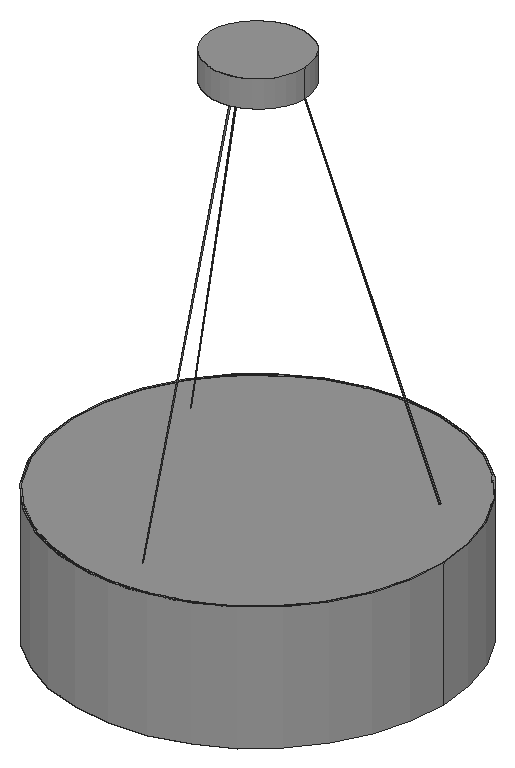
Revit family "Artemide_Tagora_Suspended_570", category Apparecchi per illuminazione, Revit 2018
Family settings
  Quota connettore circolare = Usa diametro
  Tipo di parte = Normale
  Basato su piano di lavoro = Sì
  Sempre verticale = Sì
  Taglio con vuoti quando caricato = No
  Sorgente d'illuminazione = Sì
  Condiviso = No
  Punto di calcolo locali = No
Parameters
  Wattage = 58 W
  built-in parameter 1150110 = 1 (stored number, unit not read)
  Voltage = "-"
  built-in parameter 1114217 = 1 (stored number, unit not read)
  Tilt Angle = 90.00°
  built-in parameter 1150109 = 1 (stored number, unit not read)
  built-in parameter 1150134 = (empty or 0)
  built-in parameter 1150113 = 1 (stored number, unit not read)
  Radius_InternalCylinder = Radius_ExternalCyilinder - 2 mm  # 283 mm
  Radius_ExternalCyilinder = 285 mm
  Product Range = "Tagora"
  File diagramma fotometrico = "M249221.IES"
  Max Height from ceiling = 2000 mm
  M_HousingCylinder = Artemide_Aluminum_Beige
  M_Housing = Artemide_Aluminum_White
  M_Fixings = Artemide_Aluminum_Anodized
  M_Diffuser = Artemide_Glass_LightBulb
  built-in parameter 1150105 = 285.93 (stored number, unit not read)
  Lumens = 3593.1 lm
  built-in parameter 1150115 = 1 (stored number, unit not read)
  built-in parameter 1150137 = (empty or 0)
  built-in parameter 1150139 = (empty or 0)
  built-in parameter 1150112 = 1 (stored number, unit not read)
  built-in parameter 1150114 = 1 (stored number, unit not read)
  built-in parameter 1150132 = (empty or 0)
  built-in parameter 1150102 = (empty or 0)
  built-in parameter 1150107 = 3000 (stored number, unit not read)
  built-in parameter 1150138 = (empty or 0)
  built-in parameter 1150106 = 2.8593 (stored number, unit not read)
  IfcExportType = "NOT DEFINED"  # constant formula
  IfcExportAs = "IfcLightFixtureType"  # constant formula
  Weekly = "-"
  Warranty ID = "https://cloud.artemide.com/5-years-warranty"
  Upward Component  = 0
  Unified Glare Rating  = "-"
  Uniclass 2015 = "Pr_70_70_48"  # constant formula
  URL to O&M Manual = "https://www.artemide.com/contents/documenti/prodotto/tagora_sospensione_570_instructions2525503.pdf"
  URL to Energy Technology List = "-"
  Total Power = 0
  Total Light Output  = 0
  Testing method = "-"
  Supply Phase = 0
  Suitable for Photocell Control = "-"
  Suitable for Motion Detector Control = "N"
  Suitable for Dimming  = "Y"
  Suitable Dimmer Type = "DALI"
  Standards = "-"
  Shipping Weight = 0
  Service life  = "-"
  Secondary Rated Lamp Life = 0
  Secondary Lamp Voltage = 0
  Secondary Lamp International Type Code = "-"
  Secondary Lamp Initial Lumens  = 0
  Secondary Lamp Included = "-"
  Secondary Lamp Efficacy = 0
  Secondary Lamp Colour Temperature = 0
  Secondary Lamp Colour Rendering Index = 0
  Secondary Lamp Cap = "-"
  Secondary Lamp = "-"
  Responsible Sourcing of Materials = "-"
  Responsible Extraction of Materials = "-"
  Rated Lamp Life = 50000
  Quarterly = "-"
  Product Model Number = "M249221"
  Product Literature = "https://www.artemide.com/en/subfamily/1688085/tagora-suspension-570"
  Primary Lamp Type = "LED"
  Power Supply Kit = "-"
  Power Factor = 0
  Photocell = "-"
  Overall Width = 0
  Overall Light Output Ratio = 0
  Overall Length = 570
  Overall Height = 190
  Output Lumens Indirect light = 0
  Output Lumens Direct light = 3593
  Number of Secondary Lamps = 0
  Number of Primary Lamps = 1
  Number of Poles = 0
  Motion Sensor = "-"
  Motion Detector = "-"
  Monthly = "-"
  Minimum Operating Temperature = 0
  Maximum Operating Temperature = 0
  Material Ingredient Reporting = "-"
  Manufacturer Website = "https://www.artemide.com"
  Produttore = "Artemide"
  Maintenance Required: 8001-12000hrs  = "-"
  Maintenance Required: 601-1000hrs = "-"
  Maintenance Required: 4001-8000hrs  = "-"
  Maintenance Required: 301-600hrs  = "-"
  Maintenance Required: 2001-4000hrs  = "-"
  Maintenance Required: 1001-2000hrs  = "-"
  Maintenance Required: 0-300hrs  = "-"
  Luminance at 65deg Angle = 0
  Luminaire Type = "Pendant"
  Luminaire Maintenance Factor = 0
  Luminaire Cleaning Interval  = "-"
  Louvre/Lens = "-"
  Location of Manufacturer = "-"
  Light Output Pattern = "-"
  Light Fixture Mounting Type = "Suspended"
  Life Cycle Analysis = "-"
  Lamp Survival Factor = "-"
  Lamp Replacement Interval = "-"
  Lamp Included = "Y"
  Lamp Cap = "LED Integrated"
  LED lifetime = 50000
  LED Maintained Colour Variation         = 0
  LED Initial Colour Variation                      = 0
  International Type Code = "-"
  Intended Market = "Unset"
  Integral Fuse or Circuit Protection  = "-"
  Integral Emergency Lighting Battery Type = "-"
  Input Lumens Indirect light = 0
  Input Lumens Direct light = 8352
  Initial Lumens = 3593
  Infills = "-"
  IP Rating = "IP20"
  IK Rating = "-"
  IES Files  = "https://www.artemide.com/product/downloadFile/1720551/ieseu/4887593"
  Housing Material = "Aluminium"
  Housing Finish  = "Painted"
  Housing Colour  = "Beige/White"
  Hazardous Area Protection Type = "-"
  Hazardous Area Category = "-"
  Gross Weight = 6.55
  Green Guide for Specification = "-"
  Frequency  = 0
  Fixings = "-"
  Fire Shroud = "-"
  Fire Rating Duration = 0
  Fire Rated Temperature = 0
  Fire Rated = "-"
  Features = "Any additional components/accessories included in this file are required to complete the product/configuration and must be ordered separately.Please check the catalogue/dedicated brochure for more information"
  Face Width = 0
  Face Shape = "Cylindrical"
  Face Length = 0
  External Control Line Voltage = 0
  Expected Life = "-"
  Environmental Product Declaration = "-"
  End Caps/Transition Caps/Joints = "-"
  Emetti da diametro cerchio = 475 mm
  Rendi la forma visibile nel rendering = no
  Emergency light output percentage = 0
  Emergency Lighting Battery = "-"
  Emergency Charging Power       = 0
  Emergency = "N"
  Embodied Carbon  = 0
  Efficiency = 43
  built-in parameter 1150104 = 5.7553 (stored number, unit not read)
  Earth Point  = "-"
  ENEC Certification of European conformity = "N"
  Duration of Integral Emergency Lighting  = 0
  Drive Current                                          = 0
  Downward Component = 0
  Distance_LampFromCeilingMax [instance] = if(Distance_LampFromCeiling < Max Height from ceiling, Distance_LampFromCeiling, Max Height from ceiling)  # 605 mm
  Distance_LampFromCeiling [instance] = 605 mm
  Distance_HeightLamp = 194.5 mm
  Variazione temperatura colore lampada con luminosità attenuata = <Nessuno>
  Diffusing screen = "-"
  Designed by = "S./R. Cornelissen"
  Default Elevation = 1219.2 mm
  Daylight Sensor = "-"
  Daily = "-"
  Cut Out Width = 0
  Cut Out Length = 0
  Current  = 0
  Control Gear Type = "-"
  Control Gear Standby Power  = 0
  Control Gear Required = "-"
  Control Gear Location = "-"
  Column = "-"
  Colour Temperature = 3000
  Colour Rendering Index = 80
  Filtro dei colori = 16777215
  CE Approval = "Y"
  Bespoke Timeframe = "-"
  Beam Angle Transverse Axis  = 0.00°
  Beam Angle Longditudinal Axis  = 0.00°
  Basis of lifetime luminaire failures        = 0
  Basis of lifetime lumen depreciation   = 0
  built-in parameter 1114218 = 1 (stored number, unit not read)
  built-in parameter 1150133 = 10 (stored number, unit not read)
  Application Environment = "Internal"
  Annually = "-"
  Ambient Temperature                             = 0
  Air Handling = "-"
  Access Clearance Top = 0
  Access Clearance Right = 0
  Access Clearance Rear = 0
  Access Clearance Left = 0
  Access Clearance Front = 0
  Access Clearance Bottom = 0
  6 Monthly = "-"
Reference planes
  plane 1 "Center (Front/Back)": y = 0
  plane 2 "Top Fixings": z = 0
  plane 3 "Center (Left/Right)": x = 0
  plane 4: z = -701.5
  plane 5 "Bottom Lamp": z = -799.5
  plane 6 "Light": z = -688.813
  plane 7: z = -704.5
  plane 8 "Top Lamp": z = -605
  plane 9: z = -607
  plane 10: y = -51.011
  plane 11: y = -220.578
  plane 12: z = -41.804
Forms (mm)
  Extrusion 1, solid, material "Artemide_Aluminum_Beige" <- "M_HousingCylinder"
    sketch origin (0, 0, 0) x (1, 0, 0) y (0, 1, 0)
      loop
        circle (0, 0) r 285
      loop
        circle (0, 0) r 283
    from -799.5 to -605
  Extrusion 2, solid, material "Artemide_Aluminum_Beige" <- "M_HousingCylinder"
    sketch origin (0, 0, 0) x (1, 0, 0) y (0, 1, 0)
      loop
        circle (0, 0) r 283
    from -607 to -605
  Revolve 3, solid, material "Artemide_Aluminum_White" <- "M_Housing"
    sketch origin (0, 0, -560) x (1, 0, 0) y (0, 0, 1)
      loop
        line (-238.112, -141.5) -> (-283, -239.5) -> (-281.235, -239.5) -> (-236.347, -141.5) -> (-238.112, -141.5)
      axis (0, -141.5) -> (0, -239.5)
    angle from 0 to 360
  Revolve 4, solid, material "Artemide_Glass_LightBulb" <- "M_Diffuser"
    sketch origin (0, 0, -560) x (1, 0, 0) y (0, 0, 1)
      loop
        line (0, -141.5) -> (-236.347, -141.5) -> (-236.347, -144.5) -> (0, -144.5) -> (0, -141.5)
      axis (0, -141.5) -> (0, -144.5)
    angle from 0 to 360
  Extrusion 5, solid, material "Artemide_Aluminum_Anodized" <- "M_Fixings"
    sketch origin (0, 0, 0) x (1, 0, 0) y (0, 1, 0)
      loop
        circle (0, 0) r 71.65
    from -41.804 to 0
  Sweep 6, solid, material "Artemide_Aluminum_Anodized" <- "M_Fixings"
    path origin (0, 0, 0) x (0, 1, 0) y (0, 0, 1)
      loop
        line (-51.011, -41.804) -> (-220.578, -607)
    profile origin (0, -135.794, -324.402) x (0, 0.957823, -0.28736) y (1, 0, 0)
      loop
        circle (0, 0) r 0.4
  Sweep 7, solid, material "Artemide_Aluminum_Anodized" <- "M_Fixings"
    path origin (0, 0, 0) x (-0.866025, -0.5, 0) y (0, 0, 1)
      loop
        line (-51.011, -41.804) -> (-220.578, -607)
    profile origin (117.601, 67.897, -324.402) x (-0.829499, -0.478911, -0.28736) y (-0.5, 0.866025, 0)
      loop
        circle (0, 0) r 0.4
  Sweep 8, solid, material "Artemide_Aluminum_Anodized" <- "M_Fixings"
    path origin (0, 0, 0) x (0.866025, -0.5, 0) y (0, 0, -1)
      loop
        line (-51.011, 41.804) -> (-220.578, 607)
    profile origin (-117.601, 67.897, -324.402) x (-0.829499, 0.478911, 0.28736) y (0.5, 0.866025, 0)
      loop
        circle (0, 0) r 0.4
Dimensions and locks
  "Distance_HeightLamp": plane 8 "Top Lamp" to plane 5 "Bottom Lamp"
  locked: plane 8 "Top Lamp" to plane 9 at 2
  "Distance_LampFromCeilingMax": plane 2 "Top Fixings" to plane 8 "Top Lamp"
  locked: plane 1 "Center (Front/Back)" to plane 10 at 51.011
  locked: plane 10 to plane 11 at 169.567
  locked: plane 2 "Top Fixings" to plane 12 at 41.804
  plane 6 "Light" to plane 4 to plane 7 to plane 5 "Bottom Lamp" = 12.687 mm locked, 3 mm locked, 95 mm locked
  "Radius_ExternalCyilinder": radius of Extrusion 1 sketch curve
  "Radius_InternalCylinder": radius of Extrusion 1 sketch curve
  "Radius_InternalCylinder": radius of Extrusion 2 sketch curve
  aligned and locked: level to plane 2 "Top Fixings"
  aligned and locked: plane 3 "Center (Left/Right)" to imposter light
  aligned and locked: imposter light to plane 1 "Center (Front/Back)"
  aligned and locked: plane 3 "Center (Left/Right)" to Extrusion 1 sketch curve  (x2)
  aligned and locked: plane 1 "Center (Front/Back)" to Extrusion 1 sketch curve  (x2)
  aligned and locked: plane 3 "Center (Left/Right)" to Extrusion 2 sketch curve
  aligned and locked: plane 1 "Center (Front/Back)" to Extrusion 2 sketch curve
  aligned and locked: Revolve 3 sketch curve to plane 3 "Center (Left/Right)"
  aligned and locked: plane 4 to Revolve 4 sketch curve
  aligned and locked: Revolve 4 sketch curve to plane 7
  aligned and locked: Revolve 4 sketch curve to plane 3 "Center (Left/Right)"
  aligned and locked: plane 8 "Top Lamp" to Extrusion 1
  aligned and locked: Extrusion 2 to plane 9
  aligned and locked: plane 8 "Top Lamp" to Extrusion 2
  aligned and locked: plane 6 "Light" to imposter light
  aligned and locked: plane 3 "Center (Left/Right)" to Extrusion 5 sketch curve
  aligned and locked: plane 1 "Center (Front/Back)" to Extrusion 5 sketch curve
  aligned and locked: plane 2 "Top Fixings" to Extrusion 5
  aligned and locked: plane 9 to Sweep 6 sketch curve
  aligned and locked: plane 11 to Sweep 6 sketch curve
  aligned and locked: plane 10 to Sweep 6 sketch curve
  aligned and locked: plane 12 to Sweep 6 sketch curve
  aligned and locked: Extrusion 5 to plane 12
  aligned and locked: Extrusion 1 to plane 5 "Bottom Lamp"
  aligned and locked: Revolve 3 sketch curve to plane 4
  aligned and locked: Extrusion 1 to Revolve 3 sketch curve
Automatic sketch dimensions
  Sweep 6 sketch curve to plane 3 "Center (Left/Right)" = 0 mm
  Sweep 6 sketch curve to profile plane = 0 mm
  plane 9 to Sweep 7 sketch curve = 0 mm
  plane 12 to Sweep 7 sketch curve = 0 mm
  Sweep 7 sketch curve to Sweep 7 sketch curve = 169.567 mm
  profile plane to Sweep 7 sketch curve = 0 mm  (x2)
  plane 9 to Sweep 8 sketch curve = 0 mm
  plane 12 to Sweep 8 sketch curve = 0 mm
  Sweep 8 sketch curve to Sweep 8 sketch curve = 169.567 mm
  Sweep 8 sketch curve to profile plane = 0 mm
  profile plane to Sweep 8 sketch curve = 0 mm
  Revolve 3 sketch curve to plane 3 "Center (Left/Right)" = 236.347 mm
  Revolve 3 sketch curve to Revolve 3 sketch curve = 1.765 mm  (x2)
  Revolve 3 sketch curve to Revolve 3 sketch curve = 43.123 mm
  Revolve 3 sketch curve to plane 5 "Bottom Lamp" = 1345.919 mm
  level to Revolve 3 sketch curve = 1654.315 mm
  Revolve 4 sketch curve to plane 3 "Center (Left/Right)" = 0 mm
  Revolve 4 sketch curve to plane 5 "Bottom Lamp" = 1345.919 mm
  level to Revolve 4 sketch curve = 1654.315 mm
  Revolve 4 sketch curve to Revolve 4 sketch curve = 236.347 mm
  radius of Extrusion 5 sketch curve = 71.65 mm
  radius of Sweep 6 sketch curve = 0.4 mm
  radius of Sweep 7 sketch curve = 0.4 mm
  radius of Sweep 8 sketch curve = 0.4 mm
